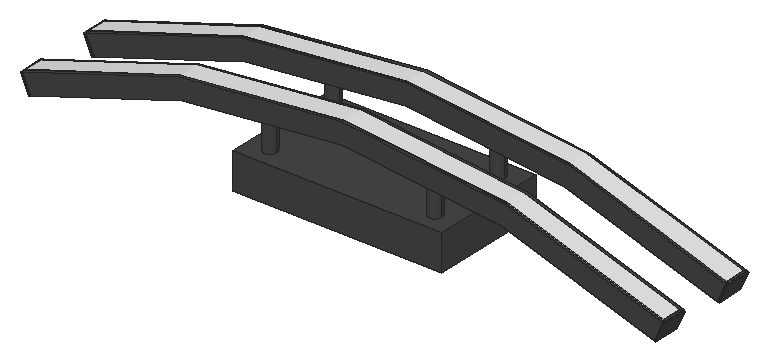
Revit family "AFX-Harper-LED_Vanity-1", category Lighting Fixtures, host Face, Revit 2020
Family settings
  Host = Face
  Round Connector Dimension = Use Diameter
  Part Type = Normal
  Cut with Voids When Loaded = No
  Light Source = Yes
  Shared = No
  Room Calculation Point = No
Parameters (values of type "HPRV2405LAJUDBK-2700K")
  Wattage Comments = "40W"
  Wattage = 19 W
  built-in parameter 1150110 = 1 (stored number, unit not read)
  Voltage = 120 V
  URL = "https://www.afxinc.com/"
  Type Comments = "Harper"  # constant formula
  built-in parameter 1114217 = 1 (stored number, unit not read)
  Tilt Angle = 90.00°
  built-in parameter 1150109 = 1 (stored number, unit not read)
  built-in parameter 1150134 = (empty or 0)
  built-in parameter 1150113 = 1 (stored number, unit not read)
  Support Finish = AFX - Aluminum Black
  Length = 24 3/4"
  Emit from Rectangle Width = 24"
  Emit from Rectangle Length = 48"
  Emit Shape Visible in Rendering = no
  Diffuser Finish = AFX - White Acrylic
  Revit Model Built By = "https://servex-us.com/servex-revit/"
  Product Documentation Link = "https://www.afxinc.com/products/productDetail.cfm?productID=1942"
  Photometric Web File = "HPRV2405LAJUDSN SB BK_2700K IES.IES"
  Model = "HPRV2405LAJUDBK-2700K"
  Manufacturer = "AFX Inc"  # constant formula
  built-in parameter 1150105 = 445.78 (stored number, unit not read)
  Lumens = 2822.3 lm
  built-in parameter 1150115 = 1 (stored number, unit not read)
  built-in parameter 1150137 = (empty or 0)
  built-in parameter 1150139 = (empty or 0)
  built-in parameter 1150112 = 1 (stored number, unit not read)
  built-in parameter 1150114 = 1 (stored number, unit not read)
  Lamp = "LED"
  built-in parameter 1150132 = (empty or 0)
  built-in parameter 1150102 = (empty or 0)
  built-in parameter 1150107 = 3000 (stored number, unit not read)
  built-in parameter 1150138 = (empty or 0)
  built-in parameter 1150106 = 4.4578 (stored number, unit not read)
  Height = 4 1/2"
  built-in parameter 1150104 = 13.8 (stored number, unit not read)
  Dimming Lamp Color Temperature Shift = <None>
  Description = "24'' LED Vanity - 2700K - 24 3/4\"L x 4 1/2\"H x 3 3/4\"D"
  Depth = 3 3/4"
  Default Elevation = 48"
  Cap Finish = AFX - Aluminum Black
  Colour Rendering Index = "90 CRI"
  Color Rendering Index = 90
  Color Filter = 16777215
  Canopy Finish = AFX - Aluminum Black
  Cable Finish = AFX - Aluminum Black
  Body Finish = AFX - Aluminum Black
  built-in parameter 1114218 = 1 (stored number, unit not read)
  built-in parameter 1150133 = 10 (stored number, unit not read)
  Assembly Code = "D5020200"
  Apparent Load = 120 VA
  36L = not(and([24L]))  # no
  24L = and(Length = 24 3/4")  # yes
Types (11): name | Length | Photometric Web File | Model | Description | 36L | 24L
  (no name) | 24 3/4" | "HPRV2405LAJUDSN SB BK_2700K IES.IES" | "HPRV2405LAJUDBK-2700K" | "24'' LED Vanity - 2700K - 24 3/4\"L x 4 1/2\"H x 3 3/4\"D" | no | yes
  HPRV2405LAJUDBK-2700K | 24 3/4" | "HPRV2405LAJUDSN SB BK_2700K IES.IES" | "HPRV2405LAJUDBK-2700K" | "24'' LED Vanity - 2700K - 24 3/4\"L x 4 1/2\"H x 3 3/4\"D" | no | yes
  HPRV2405LAJUDBK-3000K | 24 3/4" | "HPRV2405LAJUDSN SB BK_3000K IES.IES" | "HPRV2405LAJUDBK-3000K" | "24'' LED Vanity - 3000K - 24 3/4\"L x 4 1/2\"H x 3 3/4\"D" | no | yes
  HPRV2405LAJUDBK-3500K | 24 3/4" | "HPRV2405LAJUDSN SB BK_3500K IES.IES" | "HPRV2405LAJUDBK-3500K" | "24'' LED Vanity - 3500K - 24 3/4\"L x 4 1/2\"H x 3 3/4\"D" | no | yes
  HPRV2405LAJUDBK-4000K | 24 3/4" | "HPRV2405LAJUDSN SB BK_4000K IES.IES" | "HPRV2405LAJUDBK-4000K" | "24'' LED Vanity - 4000K - 24 3/4\"L x 4 1/2\"H x 3 3/4\"D" | no | yes
  HPRV2405LAJUDBK-5000K | 24 3/4" | "HPRV2405LAJUDSN SB BK_5000K IES.IES" | "HPRV2405LAJUDBK-5000K" | "24'' LED Vanity - 5000K - 24 3/4\"L x 4 1/2\"H x 3 3/4\"D" | no | yes
  HPRV3605LAJUDBK-2700K | 36 3/8" | "HPRV3605LAJUDSN SB BK_2700K IES.IES" | "HPRV3605LAJUDBK-2700K" | "36'' LED Vanity - 2700K - 36 3/8\"L x 4 1/2\"H x 3 3/4\"D" | yes | no
  HPRV3605LAJUDBK-3000K | 36 3/8" | "HPRV3605LAJUDSN SB BK_3000K IES.IES" | "HPRV3605LAJUDBK-3000K" | "36'' LED Vanity - 3000K - 36 3/8\"L x 4 1/2\"H x 3 3/4\"D" | yes | no
  HPRV3605LAJUDBK-3500K | 36 3/8" | "HPRV3605LAJUDSN SB BK_3500K IES.IES" | "HPRV3605LAJUDBK-3500K" | "36'' LED Vanity - 3500K - 36 3/8\"L x 4 1/2\"H x 3 3/4\"D" | yes | no
  HPRV3605LAJUDBK-4000K | 36 3/8" | "HPRV3605LAJUDSN SB BK_4000K IES.IES" | "HPRV3605LAJUDBK-4000K" | "36'' LED Vanity - 4000K - 36 3/8\"L x 4 1/2\"H x 3 3/4\"D" | yes | no
  HPRV3605LAJUDBK-5000K | 36 3/8" | "HPRV3605LAJUDSN SB BK_5000K IES.IES" | "HPRV3605LAJUDBK-5000K" | "36'' LED Vanity - 5000K - 36 3/8\"L x 4 1/2\"H x 3 3/4\"D" | yes | no
Reference planes (in)
  plane 1 "Center (Front/Back)": y = 0
  plane 2: z = 0
  plane 3 "Center (Left/Right)": x = 0
  plane 4: z = 3.75
  plane 5: x = -12.375
  plane 6: x = 12.375
  plane 7: y = 2.25
  plane 8: y = -2.25
  plane 9: x = -3.99606
  plane 10: x = 3.99606
  plane 11: z = 2.91339
  plane 12: z = 1.37795
  plane 13: y = 1.51575
  plane 14: y = -1.51575
Forms (in)
  Extrusion 1, solid, material "AFX - Aluminum Black" <- "Canopy Finish"
    sketch origin (-23.60649, -180, 36) x (1, 0, 0) y (0, 1, 0)
      loop
        line (19.61043, 182.25) -> (19.61043, 177.75) -> (27.60255, 177.75) -> (27.60255, 182.25) -> (19.61043, 182.25)
    from -36 to -34.62205
  Extrusion 2, solid, material "AFX - Aluminum Black" <- "Support Finish"
    sketch origin (-23.60649, -180, 36) x (1, 0, 0) y (0, 1, 0)
      loop
        circle (20.45688, 181.51575) r 0.25
      loop
        circle (26.7561, 181.51575) r 0.25
      loop
        circle (20.45688, 178.48425) r 0.25
      loop
        circle (26.7561, 178.48425) r 0.25
    from -34.62205 to -33.08661
Dimensions and locks (in)
  equal spacing: plane 5, plane 3 "Center (Left/Right)", plane 6
  "Length": plane 5 to plane 6
  equal spacing: plane 7, plane 1 "Center (Front/Back)", plane 8
  "Height": plane 7 to plane 8
  "Depth": plane 4 to plane 2
  locked: plane 9 to plane 3 "Center (Left/Right)" at 3.99606
  locked: plane 3 "Center (Left/Right)" to plane 10 at 3.99606
  locked: plane 4 to plane 11 at 0.83661
  locked: plane 12 to plane 2 at 1.37795
  locked: plane 9 to Extrusion 2 sketch curve at 0.84646  (x2)
  locked: Extrusion 2 sketch curve to plane 8 at 0.73425  (x2)
  locked: plane 7 to Extrusion 2 sketch curve at 0.73425  (x2)
  locked: Extrusion 2 sketch curve to plane 10 at 0.84646  (x2)
  aligned and locked: plane 2 to host face
  aligned and locked: level to host face
  aligned and locked: plane 9 to Extrusion 1 sketch curve
  aligned and locked: plane 10 to Extrusion 1 sketch curve
  aligned and locked: Extrusion 1 sketch curve to plane 7
  aligned and locked: plane 8 to Extrusion 1 sketch curve
  aligned and locked: plane 12 to Extrusion 1
  aligned and locked: Extrusion 1 to plane 2
  aligned and locked: Extrusion 2 to plane 12
  aligned and locked: plane 11 to Extrusion 2
  aligned and locked: nested 1 to plane 13
  aligned and locked: nested 2 to plane 14
  aligned and locked: imposter light to plane 3 "Center (Left/Right)"
  aligned and locked: plane 1 "Center (Front/Back)" to imposter light
Automatic sketch dimensions
  host sketch curve to host sketch curve = 96"  (x2)
  radius of Extrusion 2 sketch curve = 1/4"  (x4)
Nested families (in)
  nested 1: "Harper LED" at (0, 1.51575, 0), 24L <- "24L", 36L <- "36L", Body Finish <- "Body Finish", Diffuser Finish <- "Diffuser Finish", Cap Finish <- "Cap Finish", type "Harper LED"
    with Diffuser Finish AFX - White Acrylic, Cap Finish AFX - Aluminum Black, Body Finish AFX - Aluminum Black, 36L no, 24L yes
  nested 2: "Harper LED" at (0, -1.51575, 0), 24L <- "24L", 36L <- "36L", Body Finish <- "Body Finish", Diffuser Finish <- "Diffuser Finish", Cap Finish <- "Cap Finish", type "Harper LED"
    with Diffuser Finish AFX - White Acrylic, Cap Finish AFX - Aluminum Black, Body Finish AFX - Aluminum Black, 36L no, 24L yes
Connectors (in)
  electrical at (0, 0, 0), driven by "Voltage", driven by "Apparent Load"
    settings: on Extrusion 1, index 1, voltage 120 V, apparent load 0 VA, apparent load phase1 120 VA, apparent load phase2 0 VA, apparent load phase3 0 VA, power factor 1, load classification "Lighting", number of poles 1, system type 31, power factor state 1, is connector primary yes, connector utility no, sub classification motor no, connector description ""
Definition of nested family "Harper LED"
  Parameters (values of type "Harper LED")
    Diffuser Finish [instance] = none
    Default Elevation = 0"
    Cap Finish [instance] = none
    Body Finish [instance] = none
    36L [instance] = yes
    24L [instance] = yes
  Reference planes (in)
    plane 1 "Center (Front/Back)": y = 0
    plane 2: z = 0
    plane 3 "Center (Left/Right)": x = 0
  Forms (in)
    Sweep 1, solid, material <- "Body Finish", visible <- "24L"
      path origin (0, -1.51575, 0) x (1, 0, 0) y (0, 0, 1)
        loop
          arc (11.9277, 0.36814) -> (0, 2.88228) -> (-11.9277, 0.36814) r 29.55104
      profile origin (0, -1.51575, 2.88228) x (0, 0, -1) y (0, -1, 0)
        loop
          line (-0.13386, -1.90945) -> (-0.78612, -1.90945) -> (-0.78612, -2.00787) -> (-0.00048, -2.00787) -> (-0.00048, -1.02362) -> (-0.78612, -1.02362) -> (-0.78612, -1.12205) -> (-0.13386, -1.12205) -> (-0.13386, -1.90945)
    Extrusion 2, solid, material <- "Cap Finish", visible <- "24L"
      sketch origin (-12.29904, -181.51575, 1.06354) x (-0.403631, 0, 0.914922) y (0, -1, 0)
        loop
          line (0, -182.00787) -> (0, -181.02362) -> (-0.78564, -181.02362) -> (-0.78564, -182.00787) -> (0, -182.00787)
      from 0 to 0.05906
    Extrusion 3, solid, material <- "Cap Finish", visible <- "24L"
      sketch origin (12.29904, -181.51575, 1.06354) x (0.403631, 0, 0.914922) y (0, 1, 0)
        loop
          line (0, 182.00787) -> (-0.78564, 182.00787) -> (-0.78564, 181.02362) -> (0, 181.02362) -> (0, 182.00787)
      from 0 to 0.05906
    Extrusion 4, solid, material <- "Cap Finish", visible <- "24L"
      sketch origin (0, -1.51575, 0) x (1, 0, 0) y (0, 0, 1)
        loop
          arc (-12.23239, 1.05879) -> (-12.20537, 1.0707) -> (-12.17834, 1.08257) r 30.30591
          line (-12.17834, 1.08257) -> (-12.19095, 1.11117)
          arc (-12.19095, 1.11117) -> (-12.21799, 1.09929) -> (-12.24501, 1.08738) r 30.33716
          line (-12.24501, 1.08738) -> (-12.23239, 1.05879)
        loop
          line (12.23239, 1.05879) -> (12.24501, 1.08738)
          arc (12.24501, 1.08738) -> (12.21799, 1.09929) -> (12.19095, 1.11117) r 30.33716
          line (12.19095, 1.11117) -> (12.17834, 1.08257)
          arc (12.17834, 1.08257) -> (12.20537, 1.0707) -> (12.23239, 1.05879) r 30.30591
      from -1.90945 to -1.12205
    Extrusion 5, solid, material <- "Diffuser Finish", visible <- "24L"
      sketch origin (0, -1.51575, 0) x (1, 0, 0) y (0, 0, 1)
        loop
          arc (12.19095, 1.11117) -> (0, 3.66841) -> (-12.19095, 1.11117) r 30.33716
          line (-12.19095, 1.11117) -> (-12.17834, 1.08257)
          arc (-12.17834, 1.08257) -> (-12.20537, 1.0707) -> (-12.23239, 1.05879) r 30.30591
          line (-12.23239, 1.05879) -> (-12.19455, 0.97302)
          arc (-12.19455, 0.97302) -> (0, 3.54341) -> (12.19455, 0.97302) r 30.21216
          line (12.19455, 0.97302) -> (12.23239, 1.05879)
          arc (12.23239, 1.05879) -> (12.20537, 1.0707) -> (12.17834, 1.08257) r 30.30591
          line (12.17834, 1.08257) -> (12.19095, 1.11117)
      from -1.90945 to -1.12205
    Sweep 6, solid, material <- "Body Finish", visible <- "36L"
      path origin (0, 0, 0) x (1, 0, 0) y (0, 0, 1)
        loop
          arc (17.92242, 0.35006) -> (0, 2.88228) -> (-17.92242, 0.35006) r 64.69116
      profile origin (0, 0, 2.88228) x (0, 0, -1) y (0, -1, 0)
        loop
          line (-0.13386, -0.3937) -> (-0.78612, -0.3937) -> (-0.78612, -0.49213) -> (-0.00048, -0.49213) -> (-0.00048, 0.49213) -> (-0.78612, 0.49213) -> (-0.78612, 0.3937) -> (-0.13386, 0.3937) -> (-0.13386, -0.3937)
    Extrusion 7, solid, material <- "Cap Finish", visible <- "36L"
      sketch origin (-18.20168, -178.48425, 1.10541) x (-0.277046, 0, 0.960857) y (0, -1, 0)
        loop
          line (-0.01703, -178.97638) -> (-0.01703, -177.99213) -> (-0.80266, -177.99213) -> (-0.80266, -178.97638) -> (-0.01703, -178.97638)
      from 0 to 0.05906
    Extrusion 8, solid, material <- "Cap Finish", visible <- "36L"
      sketch origin (18.20168, -178.48425, 1.10541) x (0.277046, 0, 0.960857) y (0, 1, 0)
        loop
          line (-0.01703, 178.97638) -> (-0.80266, 178.97638) -> (-0.80266, 177.99213) -> (-0.01703, 177.99213) -> (-0.01703, 178.97638)
      from 0 to 0.05906
    Extrusion 9, solid, material <- "Cap Finish", visible <- "36L"
      sketch origin (0, 1.51575, 0) x (1, 0, 0) y (0, 0, 1)
        loop
          line (-18.14021, 1.10541) -> (-18.13156, 1.07538)
          arc (-18.13156, 1.07538) -> (-18.10318, 1.08355) -> (-18.07481, 1.09172) r 65.44603
          line (-18.07481, 1.09172) -> (-18.08346, 1.12174)
          arc (-18.08346, 1.12174) -> (-18.11184, 1.11358) -> (-18.14021, 1.10541) r 65.47728
        loop
          arc (18.14021, 1.10541) -> (18.11184, 1.11358) -> (18.08346, 1.12174) r 65.47728
          line (18.08346, 1.12174) -> (18.07481, 1.09172)
          arc (18.07481, 1.09172) -> (18.10318, 1.08355) -> (18.13156, 1.07538) r 65.44603
          line (18.13156, 1.07538) -> (18.14021, 1.10541)
      from 1.12205 to 1.90945
    Extrusion 10, solid, material <- "Diffuser Finish", visible <- "36L"
      sketch origin (0, 1.51575, 0) x (1, 0, 0) y (0, 0, 1)
        loop
          arc (18.08346, 1.12174) -> (0, 3.66841) -> (-18.08346, 1.12174) r 65.47728
          line (-18.08346, 1.12174) -> (-18.07481, 1.09172)
          arc (-18.07481, 1.09172) -> (-18.10318, 1.08355) -> (-18.13156, 1.07538) r 65.44603
          line (-18.13156, 1.07538) -> (-18.10558, 0.9853)
          arc (-18.10558, 0.9853) -> (0, 3.54341) -> (18.10558, 0.9853) r 65.35228
          line (18.10558, 0.9853) -> (18.13156, 1.07538)
          arc (18.13156, 1.07538) -> (18.10318, 1.08355) -> (18.07481, 1.09172) r 65.44603
          line (18.07481, 1.09172) -> (18.08346, 1.12174)
      from 1.12205 to 1.90945
  Cuts and joins
    joined: Extrusion 2, Extrusion 3, Extrusion 4
    joined: Extrusion 7, Extrusion 8, Extrusion 9
  Lines and regions (in)
    symbolic lines, visible <- "24L"
      curve 1: arc (12.24501, 0, 1.08738) -> (0, 0, 3.66841) -> (-12.24501, 0, 1.08738) r 30.33716
      curve 2: arc (11.9279, 0, 0.36858) -> (0, 0, 2.88277) -> (-11.9279, 0, 0.36858) r 29.55152
      curve 3: line (-12.24501, 0, 1.08738) -> (-12.29904, 0, 1.06354)
      curve 4: line (-11.98193, 0, 0.34475) -> (-11.9279, 0, 0.36858)
      curve 5: line (-11.9279, 0, 0.36858) -> (-12.24501, 0, 1.08738)
      curve 6: line (-12.29904, 0, 1.06354) -> (-11.98193, 0, 0.34475)
      curve 7: line (11.9279, 0, 0.36858) -> (11.98193, 0, 0.34475)
      curve 8: line (12.29904, 0, 1.06354) -> (12.24501, 0, 1.08738)
      curve 9: line (12.24501, 0, 1.08738) -> (11.9279, 0, 0.36858)
      curve 10: line (11.98193, 0, 0.34475) -> (12.29904, 0, 1.06354)
    symbolic lines, visible <- "36L"
      curve 11: arc (18.14021, 0, 1.10541) -> (0, 0, 3.66841) -> (-18.14021, 0, 1.10541) r 65.47728
      curve 12: arc (17.92256, 0, 0.35052) -> (0, 0, 2.88277) -> (-17.92256, 0, 0.35052) r 64.69165
      curve 13: line (-17.92256, 0, 0.35052) -> (-18.14021, 0, 1.10541)
      curve 14: line (-18.19696, 0, 1.08905) -> (-17.9793, 0, 0.33416)
      curve 15: line (-18.14021, 0, 1.10541) -> (-18.19696, 0, 1.08905)
      curve 16: line (-17.9793, 0, 0.33416) -> (-17.92256, 0, 0.35052)
      curve 17: line (18.19696, 0, 1.08905) -> (18.14021, 0, 1.10541)
      curve 18: line (18.14021, 0, 1.10541) -> (17.92256, 0, 0.35052)
      curve 19: line (17.9793, 0, 0.33416) -> (18.19696, 0, 1.08905)
      curve 20: line (17.92256, 0, 0.35052) -> (17.9793, 0, 0.33416)
  Dimensions and locks (in)
    aligned and locked: plane 2 to level
    aligned and locked: Sweep 1 to Extrusion 5
    aligned and locked: Extrusion 9 to Sweep 6  (x2)
    aligned and locked: Sweep 6 to Extrusion 10
